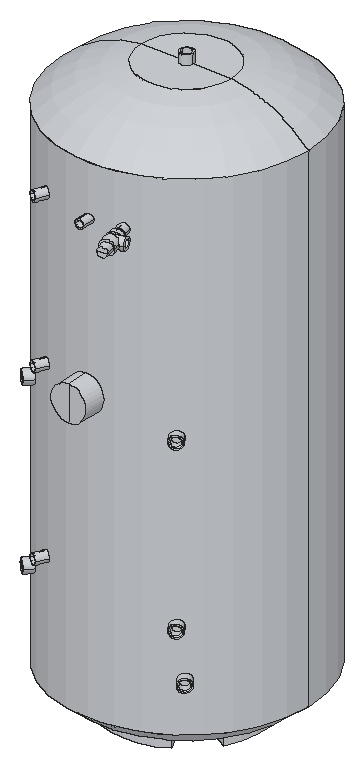
Revit family "AF5180", category Generic Models, Revit 2012
Parameters (values of type "AF5180 Solar Twin Coil")
  _distributed by = ""
  _current revision = 1
  _created by = ""
  Weight (empty) = "45kg"
  Weight (full) = "222kg"
  Website = "www.zipheaters.co.uk"
  Water inlet Pressure Min/Max = "Min = 0.15 MPa (1.5 bar) Max = 1.2 MPa (12 bar)"
  Water inlet Connection = "22mm BSP"
  WarrantyStartDate = ""
  WarrantyGuarantorParts = ""
  WarrantyGuarantorLabor = ""
  WarrantyDurationUnit = ""
  WarrantyDurationParts = ""
  WarrantyDescription = ""
  Voltage = "230V (50~60Hz)"
  Vent outlet connection (to Tundish outlet). = ""
  Unit Dimensions - W x D x H = "1290mm Height x 545mm Dia."
  Uniclass2 = ""
  Type Comments = "Storage water heater."
  Tthermostat (High Limit) = "Supplied"
  Temperature & Pressure Relief Valve = "Supplied"
  Technica support /Maintenance number = "0845 6 005 005 or 0345 6 005 005"
  TagNumber = 0
  SerialNumber = 0
  ReplacementCost = ""
  Recovery (167ml cups) cups per hour = ""
  Pull out or Pull Down = ""
  Power Rating = "3kW"
  Percentage of Recycled Content = 0
  Operating Pressure = ""
  No of Holes = 0
  Name = "Unvented water heater"
  ModelNumber = "AF5180"
  Model = "AF5180"
  Mixing Leaver = yes
  Manufacturer = "Zip Heaters(UK) Ltd"
  Low Emitting Material = yes
  LEED Credit = ""
  Instruction Manual = "Supplied"
  InstallationDate = ""
  Indirect Heat Exchanger (energy rating) = "18.55kW"
  Immersion Heaters = "Supplied"
  Grommet for Solar Sensor = "Supplied"
  Flow Rate = ""
  Finish Options = "Corrosion resistant Duplex stainless steel + High performance CFC free injected polyurethane foam insulation."
  Faucet Material = none
  Expansion Vessel = "Supplied"
  Electrical Installation connection = "To be wired to a suitably rated double pole fused spur."
  DurationUnit = ""
  Dual Control Thermostat = "Supplied"
  Delivery (167ml cup) cups per instance = ""
  CreatedOn = ""
  CreatedBy = ""
  Controls = "Thermostat-adjustable to 65 deg. Expansion relief valve to 6 bar, temperature and pressure relief valve  90 deg. 'C'  and 7 bar, Tundish Pressure reducing valve3 bar, Expansion vessel pre charged to 3bar."
  Control Handle Center = yes
  Control Handle = yes
  Cold Water Inlet Set = "Supplied"
  Clearance - RHS = ""
  Clearance - LHS = ""
  Clearance - Beneath Unit = ""
  Clearance - Above Unit = ""
  Capacity = "180 Litres"
  Barcode = 0
  AssetType = "Water Heater"
  AccessibilityPerformance = ""
  3/4" BSP Female x22mm Connection For Expansion vessel = "Supplied"
  2 Port Zone Valve = "Supplied"
  15 x 22mm Tundish = "Supplied"
Reference planes
  plane 1 "Center (Front/Back)": y = 0
  plane 2: z = 0
  plane 3 "Center (Left/Right)": x = 0
  plane 4 "LEC BOX": y = -330
  plane 5: through (0, 0, 1200) normal (0.9659, 0.2588, 0)
  plane 6 "bottom coil": through (0, 0, 1200) normal (0.8192, 0.5736, 0)
  plane 7 "Bottom coil": through (0, 0, 1200) normal (0.766, -0.6428, 0)
  plane 8 "Solar Sensor Pocket": through (0, 0, 1200) normal (0.9063, -0.4226, 0)
  plane 9 "Stand": z = -635.75
  plane 10 "Outlet": z = 635.75
  plane 11 "Inlet": z = -444.149
  plane 12 "Bottom Coil": z = -336.763
  plane 13 "Solar Sen. Pocket": z = -281.726
  plane 14 "Top Coil": z = 39.375
  plane 15 "Boiler dual Stat Pocket": z = 102.211
  plane 16 "T & P Valve": z = 442.507
  plane 17 "Solar Aux. Pocket": z = 442.227
  plane 18 "Solar High Limit Thermostat Pocket": z = 442.227
  plane 19: through (0, 0, 1200) normal (0.7071, 0.7071, 0)
  plane 20: through (0, 0, 1200) normal (0.9962, -0.0872, 0)
Forms (mm)
  Extrusion 1, solid
    sketch origin (0, 0, 635.75) x (-1, 0, 0) y (0, -1, 0)
      loop
        circle (0, 0) r 14.222
      loop
        circle (0, 0) r 10.99
    from 0 to 20
  Extrusion 2, solid
    sketch origin (0, 0, -635.75) x (-1, 0, 0) y (0, -1, 0)
      loop
        arc (-87.5, -151.554) -> (0, -174.913) -> (87.5, -151.554) r 175.561
        line (87.5, -151.554) -> (70, -121.244)
        arc (70, -121.244) -> (0.356, -140.082) -> (-69.287, -121.244) r 138.153
        line (-69.287, -121.244) -> (-87.5, -151.554)
      loop
        line (-151.554, -87.5) -> (-121.244, -70)
        arc (-121.244, -70) -> (-140.307, 0) -> (-121.244, 70) r 138.047
        line (-121.244, 70) -> (-151.554, 87.5)
        arc (-151.554, 87.5) -> (-174.64, 0) -> (-151.554, -87.5) r 177.366
      loop
        arc (151.554, -87.5) -> (174.803, 0) -> (151.554, 87.5) r 176.285
        line (151.554, 87.5) -> (121.554, 70.179)
        arc (121.554, 70.179) -> (139.927, 0.353) -> (121.554, -69.474) r 141.873
        line (121.554, -69.474) -> (151.554, -87.5)
      loop
        arc (87.5, 151.554) -> (0, 175.401) -> (-87.5, 151.554) r 172.456
        line (-87.5, 151.554) -> (-70, 121.244)
        arc (-70, 121.244) -> (0, 140.737) -> (70, 121.244) r 135.431
        line (70, 121.244) -> (87.5, 151.554)
    from 0 to 50
  Revolve 3, solid
    sketch origin (0, 0, 0) x (1, 0, 0) y (0, 0, 1)
      loop
        line (0, 635.75) -> (0, -635.75) -> (12.325, -635.75) -> (100.183, -635.75)
        arc (100.183, -635.75) -> (192.94, -608.814) -> (272.325, -553.794) r 299.934
        line (272.325, -553.794) -> (272.325, 553.741)
        arc (272.325, 553.741) -> (192.922, 608.949) -> (100, 635.75) r 297.299
        line (100, 635.75) -> (0, 635.75)
      axis (0, -635.75) -> (0, 635.75)
    angle from 0 to 360
  Revolve 4, solid
    sketch origin (0, 0, -444.149) x (-0.992546, 0.121869, 0) y (-0.121869, -0.992546, 0)
      loop
        line (-213.137, 197.699) -> (-216.307, 198.057) -> (-217.378, 196.986) -> (-201.95, 181.558) -> (-199.473, 184.035) -> (-213.137, 197.699)
      axis (-207.182, 207.182) -> (-191.754, 191.754)
    angle from 0 to 360
  Revolve 5, solid
    sketch origin (0, 0, -336.763) x (-1, 0, 0) y (0, -1, 0)
      loop
        line (-174.786, 231.377) -> (-177.808, 232.098) -> (-179.064, 231.219) -> (-167.158, 214.215) -> (-164.213, 216.277) -> (-174.786, 231.377)
      axis (-167.548, 239.283) -> (-155.642, 222.279)
    angle from 0 to 360
  Revolve 6, solid
    sketch origin (0, 0, 39.375) x (-1, 0, 0) y (0, -1, 0)
      loop
        line (-174.786, 231.377) -> (-177.808, 232.098) -> (-179.064, 231.219) -> (-167.158, 214.215) -> (-164.213, 216.277) -> (-174.786, 231.377)
      axis (-167.548, 239.283) -> (-155.642, 222.279)
    angle from 0 to 360
  Revolve 7, solid
    sketch origin (0, 0, 442.507) x (-1, 0, 0) y (0, -1, 0)
      loop
        line (-87.615, 301.032) -> (-95.274, 298.98) -> (-92.272, 287.775) -> (-86.837, 289.232) -> (-86.19, 286.817) -> (-88.094, 286.307) -> (-86.8, 281.477) -> (-85.293, 281.881) -> (-84.775, 279.949) -> (-86.282, 279.545) -> (-80.88, 259.383) -> (-76.752, 260.489) -> (-87.615, 301.032)
      loop
        line (-93.558, 310.673) -> (-98.654, 329.691) -> (-89.257, 333.111) -> (-94.229, 351.667) -> (-104.083, 349.027) -> (-100.408, 330.123) -> (-104.205, 329.105) -> (-98.883, 309.246) -> (-93.558, 310.673)
      axis (-94.229, 351.667) -> (-70.264, 262.228)
    angle from 0 to 360
  Revolve 8, solid
    sketch origin (0, 0, 442.507) x (-1, 0, 0) y (0, -1, 0)
      loop
        line (-74.718, 310.105) -> (-72.266, 300.955) -> (-105.094, 292.159) -> (-104.313, 289.245) -> (-69.642, 298.535) -> (-72.874, 310.598) -> (-74.718, 310.105)
      axis (-72.874, 310.598) -> (-107.546, 301.308)
    angle from 0 to 360
  Revolve 9, solid
    sketch origin (0, 0, 442.227) x (-0.996195, -0.087156, 0) y (0.087156, -0.996195, 0)
      loop
        line (17.518, 297.15) -> (15.993, 297.284) -> (13.712, 271.204) -> (15.236, 271.071) -> (17.518, 297.15)
      axis (25.933, 296.414) -> (23.651, 270.335)
    angle from 0 to 360
  Revolve 10, solid
    sketch origin (0, 0, -336.763) x (-1, 0, 0) y (0, -1, 0)
      loop
        line (176.875, 232.571) -> (163.831, 217.026) -> (166.52, 214.769) -> (178.286, 228.791) -> (177.987, 231.638) -> (176.875, 232.571)
      axis (187.599, 223.572) -> (174.555, 208.027)
    angle from 0 to 360
  Revolve 11, solid
    sketch origin (0, 0, 39.375) x (-1, 0, 0) y (0, -1, 0)
      loop
        line (176.875, 232.571) -> (163.831, 217.026) -> (166.52, 214.769) -> (178.286, 228.791) -> (177.908, 231.538) -> (176.875, 232.571)
      axis (187.599, 223.572) -> (174.555, 208.027)
    angle from 0 to 360
  Revolve 12, solid
    sketch origin (0, 0, -281.726) x (-1, 0, 0) y (0, -1, 0)
      loop
        line (115.932, 274.613) -> (104.807, 250.755) -> (106.157, 250.125) -> (117.283, 273.984) -> (115.932, 274.613)
      axis (125.889, 269.971) -> (114.764, 246.112)
    angle from 0 to 360
  Revolve 13, solid
    sketch origin (0, 0, 442.227) x (-1, 0, 0) y (0, -1, 0)
      loop
        line (104.807, 250.755) -> (106.157, 250.125) -> (117.283, 273.984) -> (115.932, 274.613) -> (104.807, 250.755)
      axis (125.889, 269.971) -> (114.764, 246.112)
    angle from 0 to 360
  Revolve 14, solid
    sketch origin (0, 0, 102.211) x (-1, 0, 0) y (0, -1, 0)
      loop
        line (115.932, 274.613) -> (104.807, 250.755) -> (106.157, 250.125) -> (117.283, 273.984) -> (115.932, 274.613)
      axis (125.889, 269.971) -> (114.764, 246.112)
    angle from 0 to 360
  Revolve 15, solid
    sketch origin (0, 0, 0) x (0, 1, 0) y (0, 0, 1)
      loop
        line (-280, 98.25) -> (-265, 98.25) -> (-265, 123.25) -> (-280, 123.25) -> (-280, 137.212) -> (-327.995, 137.212) -> (-327.995, 98.25) -> (-280, 98.25)
      axis (-327.995, 98.25) -> (-265, 98.25)
    angle from 0 to 360
Dimensions and locks
  aligned and locked: level to plane 2
Connectors
  piping at (0, 0, 655.75)
    settings: on Extrusion 1, index 1, connector radius 11 mm, flow factor 0, pipe flow 0.0 L/s, pressure drop 0.0 Pa, fitting loss kfactor 0, connector angle 0.00°, fixture units 0, engagement length 0 mm, flow configuration 0, flow direction 2, fitting loss method 0, system type 19, joint type 0, gender type 0, connector reference index -1, connector utility 0, adjustable connector no, is connector primary yes, fitting loss table "", connector description "Outlet"
  piping at (107.546, -301.308, 442.507)
    settings: on Revolve 8, index 2, connector radius 7.5 mm, flow factor 0, pipe flow 0.0 L/s, pressure drop 0.0 Pa, fitting loss kfactor 0, connector angle 0.00°, fixture units 0, engagement length 0 mm, flow configuration 0, flow direction 2, fitting loss method 0, system type 22, joint type 0, gender type 0, connector reference index -1, connector utility 0, adjustable connector no, is connector primary no, fitting loss table "", connector description "T & P Valve"
  piping at (-125.889, -269.971, 442.227)
    settings: on Revolve 13, index 3, connector radius 10 mm, flow factor 0, pipe flow 0.0 L/s, pressure drop 0.0 Pa, fitting loss kfactor 0, connector angle 0.00°, fixture units 0, engagement length 0 mm, flow configuration 0, flow direction 0, fitting loss method 0, system type 22, joint type 0, gender type 0, connector reference index -1, connector utility 0, adjustable connector no, is connector primary no, fitting loss table "", connector description "Solar High Limit Thermostat Pocket"
  piping at (0, -297.546, 442.227)
    settings: on Revolve 9, index 4, connector radius 10 mm, flow factor 0, pipe flow 0.0 L/s, pressure drop 0.0 Pa, fitting loss kfactor 0, connector angle 0.00°, fixture units 0, engagement length 0 mm, flow configuration 0, flow direction 0, fitting loss method 0, system type 22, joint type 0, gender type 0, connector reference index -1, connector utility 0, adjustable connector no, is connector primary no, fitting loss table "", connector description "Solar AUX. Pocket"
  piping at (-187.518, -223.475, 39.375)
    settings: on Revolve 11, index 5, connector radius 11 mm, flow factor 0, pipe flow 0.0 L/s, pressure drop 0.0 Pa, fitting loss kfactor 0, connector angle 0.00°, fixture units 0, engagement length 0 mm, flow configuration 0, flow direction 0, fitting loss method 0, system type 22, joint type 0, gender type 0, connector reference index -1, connector utility 0, adjustable connector no, is connector primary no, fitting loss table "", connector description "Top Coil"
  piping at (-125.889, -269.971, 102.211)
    settings: on Revolve 14, index 6, connector radius 10 mm, flow factor 0, pipe flow 0.0 L/s, pressure drop 0.0 Pa, fitting loss kfactor 0, connector angle 0.00°, fixture units 0, engagement length 0 mm, flow configuration 0, flow direction 0, fitting loss method 0, system type 22, joint type 0, gender type 0, connector reference index -1, connector utility 0, adjustable connector no, is connector primary no, fitting loss table "", connector description "Boiler Dual Stat Pocket"
  piping at (167.548, -239.283, 39.375)
    settings: on Revolve 6, index 7, connector radius 11 mm, flow factor 0, pipe flow 0.0 L/s, pressure drop 0.0 Pa, fitting loss kfactor 0, connector angle 0.00°, fixture units 0, engagement length 0 mm, flow configuration 0, flow direction 0, fitting loss method 0, system type 22, joint type 0, gender type 0, connector reference index -1, connector utility 0, adjustable connector no, is connector primary no, fitting loss table "", connector description "Top Coil"
  piping at (-125.889, -269.971, -281.726)
    settings: on Revolve 12, index 9, connector radius 10 mm, flow factor 0, pipe flow 0.0 L/s, pressure drop 0.0 Pa, fitting loss kfactor 0, connector angle 0.00°, fixture units 0, engagement length 0 mm, flow configuration 0, flow direction 0, fitting loss method 0, system type 7, joint type 0, gender type 0, connector reference index -1, connector utility 0, adjustable connector no, is connector primary no, fitting loss table "", connector description "Solar Sensor Pocket"
  piping at (-187.599, -223.572, -336.763)
    settings: on Revolve 10, index 10, connector radius 11 mm, flow factor 0, pipe flow 0.0 L/s, pressure drop 0.0 Pa, fitting loss kfactor 0, connector angle 0.00°, fixture units 0, engagement length 0 mm, flow configuration 0, flow direction 0, fitting loss method 0, system type 22, joint type 0, gender type 0, connector reference index -1, connector utility 0, adjustable connector no, is connector primary no, fitting loss table "", connector description "Bottom Coil"
  piping at (167.548, -239.283, -336.763)
    settings: on Revolve 5, index 11, connector radius 11 mm, flow factor 0, pipe flow 0.0 L/s, pressure drop 0.0 Pa, fitting loss kfactor 0, connector angle 0.00°, fixture units 0, engagement length 0 mm, flow configuration 0, flow direction 0, fitting loss method 0, system type 22, joint type 0, gender type 0, connector reference index -1, connector utility 0, adjustable connector no, is connector primary no, fitting loss table "", connector description "Bottom Coil"
  piping at (166.956, -213.694, -444.149)
    settings: on Revolve 4, index 12, connector radius 11 mm, flow factor 0, pipe flow 0.0 L/s, pressure drop 0.0 Pa, fitting loss kfactor 0, connector angle 0.00°, fixture units 0, engagement length 0 mm, flow configuration 0, flow direction 1, fitting loss method 0, system type 20, joint type 0, gender type 0, connector reference index -1, connector utility 1, adjustable connector no, is connector primary no, fitting loss table "", connector description "Inlet"
